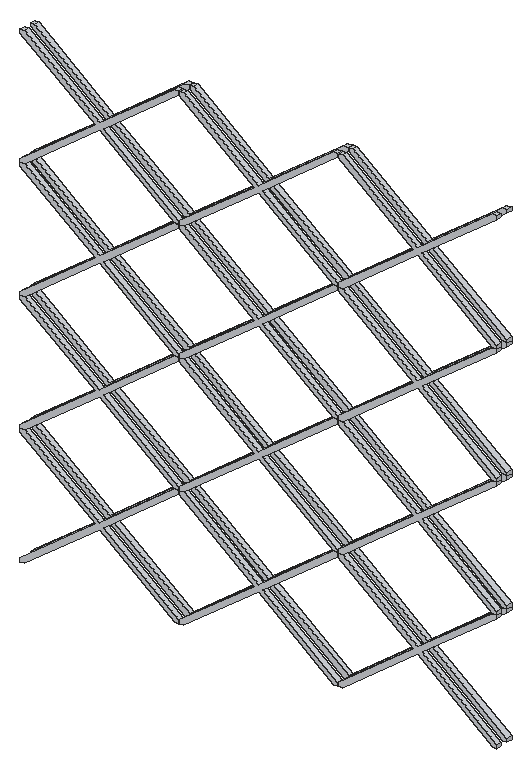
Revit family "M_Padrão do montante_diamante_4x3", category Modelos genéricos, Revit 2019
Family settings
  Pode hospedar o vergalhão = Não
  Cota do conector redondo = Utilizar diâmetro
  Tipo de parte = Normal
  Com base no plano de trabalho = Não
  Sempre na vertical = Sim
  Corte com vazios quando carregada = Não
  Compartilhado = Sim
  Ponto de cálculo do ambiente = Não
Parameters
  Largura [instance] = 1200 mm
  Espessura = 12.7 mm
  Altura [instance] = 1200 mm
  Material interior [instance] = none
  Material externo [instance] = none
  Distância = 19.05 mm
Reference planes
  plane 1 "Centro (Frente/Trás)": y = 0
  plane 2: z = 0
  plane 3 "Centro (Esquerda/Direita)": x = 0
  plane 4: z = 1200
  plane 5: x = -600
  plane 6: x = 600
  plane 7: z = 600
  plane 8: x = -200
  plane 9: x = 200
  plane 10: z = 900
  plane 11: z = 300
Dimensions and locks
  equal spacing: plane 6, plane 3 "Centro (Esquerda/Direita)", plane 5
  "Largura": plane 6 to plane 5
  "Altura": plane 4 to plane 2
  equal spacing: plane 6, plane 9, plane 8, plane 5
  equal spacing: plane 4, plane 10, plane 7, plane 11, plane 2
  aligned and locked: plane 2 to level
  aligned and locked: plane 1 "Centro (Frente/Trás)" to nested 1
  aligned and locked: plane 1 "Centro (Frente/Trás)" to nested 2
  aligned and locked: plane 1 "Centro (Frente/Trás)" to nested 3
  aligned and locked: plane 8 to nested 3
  aligned and locked: plane 8 to nested 2
  aligned and locked: plane 8 to nested 1
  aligned and locked: plane 5 to nested 1
  aligned and locked: plane 2 to nested 3
  aligned and locked: plane 11 to nested 3
  aligned and locked: plane 5 to nested 3
  aligned and locked: plane 11 to nested 2
  aligned and locked: plane 7 to nested 2
  aligned and locked: plane 5 to nested 2
  aligned and locked: plane 7 to nested 1
  aligned and locked: plane 10 to nested 1
  aligned and locked: plane 8 to nested 4
  aligned and locked: plane 10 to nested 4
  aligned and locked: plane 5 to nested 4
  aligned and locked: plane 4 to nested 4
  aligned and locked: plane 1 "Centro (Frente/Trás)" to nested 4
  aligned and locked: plane 1 "Centro (Frente/Trás)" to nested 8
  aligned and locked: plane 1 "Centro (Frente/Trás)" to nested 12
  aligned and locked: plane 1 "Centro (Frente/Trás)" to nested 5
  aligned and locked: plane 1 "Centro (Frente/Trás)" to nested 9
  aligned and locked: plane 1 "Centro (Frente/Trás)" to nested 6
  aligned and locked: plane 1 "Centro (Frente/Trás)" to nested 10
  aligned and locked: plane 1 "Centro (Frente/Trás)" to nested 7
  aligned and locked: plane 1 "Centro (Frente/Trás)" to nested 11
  aligned and locked: plane 8 to nested 7
  aligned and locked: plane 8 to nested 6
  aligned and locked: plane 8 to nested 5
  aligned and locked: plane 8 to nested 8
  aligned and locked: plane 9 to nested 7
  aligned and locked: plane 9 to nested 6
  aligned and locked: plane 9 to nested 5
  aligned and locked: plane 9 to nested 8
  aligned and locked: plane 9 to nested 11
  aligned and locked: plane 9 to nested 10
  aligned and locked: plane 9 to nested 9
  aligned and locked: plane 9 to nested 12
  aligned and locked: plane 6 to nested 11
  aligned and locked: plane 6 to nested 10
  aligned and locked: plane 6 to nested 9
  aligned and locked: plane 6 to nested 12
  aligned and locked: plane 2 to nested 7
  aligned and locked: plane 2 to nested 11
  aligned and locked: plane 11 to nested 7
  aligned and locked: plane 11 to nested 11
  aligned and locked: plane 11 to nested 6
  aligned and locked: plane 7 to nested 6
  aligned and locked: plane 7 to nested 5
  aligned and locked: plane 10 to nested 8
  aligned and locked: plane 10 to nested 5
  aligned and locked: plane 4 to nested 8
  aligned and locked: plane 11 to nested 10
  aligned and locked: plane 7 to nested 10
  aligned and locked: plane 7 to nested 9
  aligned and locked: plane 10 to nested 12
  aligned and locked: plane 10 to nested 9
  aligned and locked: plane 4 to nested 12
Nested families
  nested 1: "M_Padrão do montante_diamante" at (-400, 0, 600), Material externo <- "Material externo", Material interior <- "Material interior", type "M_Padrão do montante_diamante"
    with W 400 mm, Material interior none, H 300 mm, Material externo none
  nested 2: "M_Padrão do montante_diamante" at (-400, 0, 300), Material externo <- "Material externo", Material interior <- "Material interior", type "M_Padrão do montante_diamante"
    with W 400 mm, Material interior none, H 300 mm, Material externo none
  nested 3: "M_Padrão do montante_diamante" at (-400, 0, 0), Material externo <- "Material externo", Material interior <- "Material interior", type "M_Padrão do montante_diamante"
    with W 400 mm, Material interior none, H 300 mm, Material externo none
  nested 4: "M_Padrão do montante_diamante" at (-400, 0, 900), Material externo <- "Material externo", Material interior <- "Material interior", type "M_Padrão do montante_diamante"
    with W 400 mm, Material interior none, H 300 mm, Material externo none
  nested 5: "M_Padrão do montante_diamante" at (0, 0, 600), Material externo <- "Material externo", Material interior <- "Material interior", type "M_Padrão do montante_diamante"
    with W 400 mm, Material interior none, H 300 mm, Material externo none
  nested 6: "M_Padrão do montante_diamante" at (0, 0, 300), Material externo <- "Material externo", Material interior <- "Material interior", type "M_Padrão do montante_diamante"
    with W 400 mm, Material interior none, H 300 mm, Material externo none
  nested 7: "M_Padrão do montante_diamante" at (0, 0, 0), Material externo <- "Material externo", Material interior <- "Material interior", type "M_Padrão do montante_diamante"
    with W 400 mm, Material interior none, H 300 mm, Material externo none
  nested 8: "M_Padrão do montante_diamante" at (0, 0, 900), Material externo <- "Material externo", Material interior <- "Material interior", type "M_Padrão do montante_diamante"
    with W 400 mm, Material interior none, H 300 mm, Material externo none
  nested 9: "M_Padrão do montante_diamante" at (400, 0, 600), Material externo <- "Material externo", Material interior <- "Material interior", type "M_Padrão do montante_diamante"
    with W 400 mm, Material interior none, H 300 mm, Material externo none
  nested 10: "M_Padrão do montante_diamante" at (400, 0, 300), Material externo <- "Material externo", Material interior <- "Material interior", type "M_Padrão do montante_diamante"
    with W 400 mm, Material interior none, H 300 mm, Material externo none
  nested 11: "M_Padrão do montante_diamante" at (400, 0, 0), Material externo <- "Material externo", Material interior <- "Material interior", type "M_Padrão do montante_diamante"
    with W 400 mm, Material interior none, H 300 mm, Material externo none
  nested 12: "M_Padrão do montante_diamante" at (400, 0, 900), Material externo <- "Material externo", Material interior <- "Material interior", type "M_Padrão do montante_diamante"
    with W 400 mm, Material interior none, H 300 mm, Material externo none
Definition of nested family "M_Padrão do montante_diamante"
  Parameters (values of type "M_Padrão do montante_diamante")
    W [instance] = 1200 mm
    Espessura = 12.7 mm
    H [instance] = 1200 mm
    Material interior [instance] = none
    Distância = 19.05 mm
    Material externo [instance] = none
  Reference planes
    plane 1 "Centro (Frente/Trás)": y = 0
    plane 2: z = 0
    plane 3 "Centro (Esquerda/Direita)": x = 0
    plane 4: z = 1200
    plane 5: x = -600
    plane 6: x = 600
    plane 7: z = 600
    plane 8: y = 9.525
    plane 9: y = -9.525
    plane 10: y = 22.225
    plane 11: y = -22.225
  Forms (mm)
    Extrusion 1, solid, material <- "Material externo", detail levels fine
      sketch origin (-600, 0, 1200) x (0.707107, 0, -0.707107) y (0.707107, 0, 0.707107)
        loop
          line (0, 6.35) -> (0, -6.35) -> (1697.056, -6.35) -> (1697.056, 6.35) -> (0, 6.35)
      from -22.225 to -9.525
    Extrusion 2, solid, material <- "Material externo", detail levels fine
      sketch origin (600, 0, 1200) x (-0.707107, 0, -0.707107) y (0.707107, 0, -0.707107)
        loop
          line (1697.056, 6.35) -> (0, 6.35) -> (0, -6.35) -> (1697.056, -6.35) -> (1697.056, 6.35)
      from -22.225 to -9.525
    Extrusion 3, void
      sketch origin (0, 0, 0) x (1, 0, 0) y (0, 0, 1)
        loop
          line (-600, 1200) -> (-600, 0) -> (600, 0) -> (600, 1200) -> (-600, 1200)
        loop
          line (-612.7, 1212.7) -> (-612.7, -12.7) -> (612.7, -12.7) -> (612.7, 1212.7) -> (-612.7, 1212.7)
      from -22.225 to 22.225
    Extrusion 4, solid, material <- "Material interior", detail levels fine
      sketch origin (-600, 0, 1200) x (0.707107, 0, -0.707107) y (0.707107, 0, 0.707107)
        loop
          line (0, 6.35) -> (0, -6.35) -> (1697.056, -6.35) -> (1697.056, 6.35) -> (0, 6.35)
      from 9.525 to 22.225
    Extrusion 5, solid, material <- "Material interior", detail levels fine
      sketch origin (600, 0, 1200) x (-0.707107, 0, -0.707107) y (0.707107, 0, -0.707107)
        loop
          line (0, -6.35) -> (1697.056, -6.35) -> (1697.056, 6.35) -> (0, 6.35) -> (0, -6.35)
      from 9.525 to 22.225
  Cuts and joins
    Extrusion 3 cuts Extrusion 1
    Extrusion 3 cuts Extrusion 2
    joined: Extrusion 1, Extrusion 2
    Extrusion 3 cuts Extrusion 4
    Extrusion 3 cuts Extrusion 5
    joined: Extrusion 4, Extrusion 5
  Lines and regions (mm)
    reference lines
      curve 1: line (-600, 0, 1200) -> (600, 0, 0)
      curve 2: line (600, 0, 1200) -> (-600, 0, 0)
      curve 3: line (-600, 0, 1200) -> (-447.336, 0, 1352.664)
      curve 4: line (600, 0, 0) -> (793.076, 0, 193.076)
      curve 5: line (-529.006, 0, 1120.026) -> (416.643, 0, 174.377)
      curve 6: line (-520.026, 0, 1129.006) -> (425.623, 0, 183.357)
      curve 7: line (600, 0, 1200) -> (469.786, 0, 1330.214)
      curve 8: line (-600, 0, 0) -> (-707.763, 0, 107.763)
      curve 9: line (-595.51, 0, -4.49) -> (557.214, 0, 1148.233)
      curve 10: line (-604.49, 0, 4.49) -> (548.233, 0, 1157.214)
    model lines, detail levels medium
      curve 11: line (600, 9.525, 0) -> (-600, 9.525, 1200)
      curve 12: line (600, 9.525, 1200) -> (-600, 9.525, 0)
      curve 13: line (600, -9.525, 0) -> (-600, -9.525, 1200)
      curve 14: line (600, -9.525, 1200) -> (-600, -9.525, 0)
  Dimensions and locks
    equal spacing: plane 6, plane 3 "Centro (Esquerda/Direita)", plane 5
    "W": plane 6 to plane 5
    "H": plane 4 to plane 2
    equal spacing: plane 4, plane 7, plane 2
    equal spacing: curve 5, curve 1, curve 6
    "Espessura": curve 5 to curve 6
    equal spacing: curve 9, curve 2, curve 10
    "Espessura": curve 9 to curve 10
    "Espessura": Extrusion 3 sketch curve to plane 6
    "Espessura": plane 2 to Extrusion 3 sketch curve
    "Espessura": plane 5 to Extrusion 3 sketch curve
    "Espessura": Extrusion 3 sketch curve to plane 4
    "Distância": plane 8 to plane 9
    equal spacing: plane 8, plane 1 "Centro (Frente/Trás)", plane 9
    "Espessura": plane 10 to plane 8
    "Espessura": plane 9 to plane 11
    locked: curve 1 to curve 3 (angle 90.00°)
    locked: curve 4 to curve 1 (angle 90.00°)
    locked: curve 7 to curve 2 (angle 90.00°)
    locked: curve 2 to curve 8 (angle 90.00°)
    aligned and locked: plane 2 to level
    aligned and locked: plane 4 to curve 1
    aligned and locked: plane 5 to curve 1
    aligned and locked: plane 2 to curve 2
    aligned and locked: plane 5 to curve 2
    aligned and locked: plane 6 to curve 1
    aligned and locked: plane 2 to curve 1
    aligned and locked: plane 6 to curve 2
    aligned and locked: plane 4 to curve 2
    aligned and locked: plane 4 to curve 3
    aligned and locked: plane 5 to curve 3
    aligned and locked: plane 6 to curve 4
    aligned and locked: plane 2 to curve 4
    aligned and locked: Extrusion 1 sketch curve to curve 5
    aligned and locked: Extrusion 1 sketch curve to curve 3
    aligned and locked: Extrusion 1 sketch curve to curve 6
    aligned and locked: curve 6 to Extrusion 1 sketch curve
    aligned and locked: curve 5 to Extrusion 1 sketch curve
    aligned and locked: Extrusion 1 sketch curve to curve 4
    aligned and locked: curve 4 to Extrusion 1 sketch curve
    aligned and locked: plane 5 to curve 8
    aligned and locked: plane 2 to curve 8
    aligned and locked: plane 6 to curve 7
    aligned and locked: plane 4 to curve 7
    aligned and locked: Extrusion 2 sketch curve to curve 10  (x2)
    aligned and locked: Extrusion 2 sketch curve to curve 8  (x2)
    aligned and locked: curve 9 to Extrusion 2 sketch curve  (x2)
    aligned and locked: curve 7 to Extrusion 2 sketch curve
    aligned and locked: plane 5 to Extrusion 3 sketch curve
    aligned and locked: Extrusion 3 sketch curve to plane 4
    aligned and locked: Extrusion 3 sketch curve to plane 6
    aligned and locked: plane 2 to Extrusion 3 sketch curve
    aligned and locked: plane 10 to cut or joined group of Extrusion 1, Extrusion 2, Extrusion 3  (x2)
    aligned and locked: cut or joined group of Extrusion 1, Extrusion 2, Extrusion 3 to plane 8  (x2)
    aligned and locked: plane 10 to Extrusion 3
    aligned and locked: Extrusion 3 to plane 11
    aligned and locked: curve 3 to Extrusion 4 sketch curve
    aligned and locked: Extrusion 4 sketch curve to curve 3
    aligned and locked: Extrusion 4 sketch curve to curve 6
    aligned and locked: Extrusion 4 sketch curve to curve 5
    aligned and locked: Extrusion 4 sketch curve to curve 4
    aligned and locked: curve 6 to Extrusion 4 sketch curve
    aligned and locked: curve 5 to Extrusion 4 sketch curve
    aligned and locked: Extrusion 5 sketch curve to curve 9
    aligned and locked: Extrusion 5 sketch curve to curve 10
    aligned and locked: Extrusion 5 sketch curve to curve 7  (x2)
    aligned and locked: Extrusion 5 sketch curve to curve 8  (x2)
    aligned and locked: curve 9 to Extrusion 5 sketch curve
    aligned and locked: curve 10 to Extrusion 5 sketch curve
    aligned and locked: Extrusion 4 to plane 11
    aligned and locked: Extrusion 5 to plane 11
    aligned and locked: plane 9 to Extrusion 4
    aligned and locked: plane 9 to Extrusion 5
    aligned and locked: plane 2 to curve 11
    aligned and locked: plane 6 to curve 11
    aligned and locked: plane 5 to curve 11
    aligned and locked: plane 4 to curve 11
    aligned and locked: plane 5 to curve 12
    aligned and locked: plane 2 to curve 12
    aligned and locked: plane 4 to curve 12
    aligned and locked: plane 6 to curve 12
    aligned and locked: plane 2 to curve 13
    aligned and locked: plane 6 to curve 13
    aligned and locked: plane 4 to curve 14
    aligned and locked: plane 6 to curve 14
    aligned and locked: plane 4 to curve 13
    aligned and locked: plane 5 to curve 13
    aligned and locked: plane 2 to curve 14
    aligned and locked: plane 5 to curve 14
  Automatic sketch dimensions
    curve 1 to curve 6 = 106.751 mm
    curve 1 to curve 5 = 106.751 mm
    curve 5 to curve 1 = 252.956 mm
    curve 6 to curve 5 = 0 mm
    curve 2 to curve 9 = 0 mm
    curve 2 to curve 9 = 66.859 mm
    curve 2 to curve 10 = 66.859 mm
